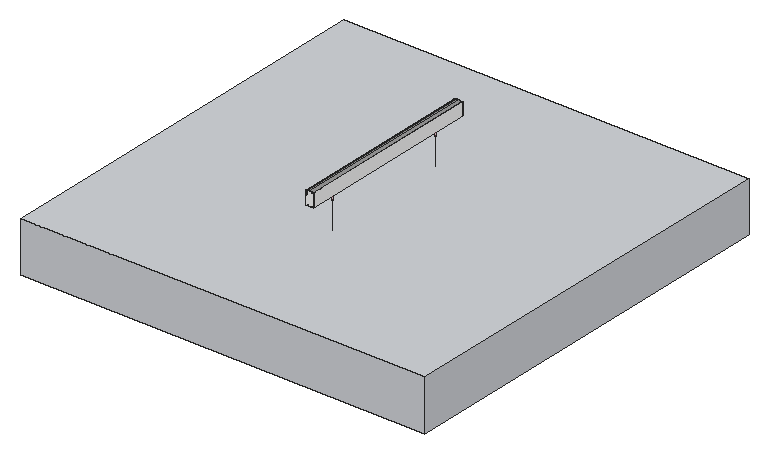
Revit family "LAMP_FIL 45 1200MM OPAL COMFORT SUSPENDED", category Luminarias, Revit 2018
Family settings
  Anfitrión = Cara
  Cota de conector redondo = Diámetro de uso
  Tipo de pieza = Normal
  Corte con vacíos al cargar = No
  Origen de luz = Sí
  Compartido = No
  Punto de cálculo de habitación = No
Parameters (values of type "2600LM 3000K  BLACK")
  Ángulo de inclinación = -90.00°
  Weight = 2.40 kg
  Wattage = 17.5 W
  UGR = "18"
  Type = "MID POWER TRIDONIC"
  built-in parameter 1150107 = 3000 (stored number, unit not read)
  Suspension distance [instance] = if(Suspension > 4000 mm, 4000 mm, if(Suspension < 1 mm, 1 mm, Suspension))  # 200 mm
  Suspension [instance] = 200 mm
  built-in parameter 1150110 = 1 (stored number, unit not read)
  built-in parameter 1150109 = 1 (stored number, unit not read)
  built-in parameter 1150112 = 1 (stored number, unit not read)
  built-in parameter 1150113 = 1 (stored number, unit not read)
  built-in parameter 1114218 = 1 (stored number, unit not read)
  Protection rating = "IP20 / IK07"
  Product datasheet = "http://www.lamp.es/product-files/TECH/F41SF112MOPR830NB-EN.pdf"
  Product code = "F41SF112MOPR830NB"
  Product URL = "https://www.lamp.es/en/family/fil-45_413951"
  Power Supply = "220-240V 50/60Hz"
  Power = 16 W
  Plum = 17.5 W
  Photobiological risk = ""
  NOT COVER 2 [instance] = not(END COVER 2)  # no
  NOT COVER 1 [instance] = not(END COVER 1)  # no
  built-in parameter 1150137 = (empty or 0)
  built-in parameter 1150132 = 2
  Modelo = Product code  # "F41SF112MOPR830NB"
  Model Explanation = ""
  Material suspension = LAMP_Acero genérico
  Material perfil = LAMP_Aluminio Perfil Fil NG
  Material difusor = LAMP_PC Difusor Opal Fil
  Manufacturer name = "LAMP"
  Manufacturer country = "Spain"
  Manufacturer URL = "http://www.lamp.es/en"
  MacAdam = "3"
  Longitud de línea de emisión = 1120 mm
  Last update = "18/03/2021"
  Lamp = "MID-POWER LED"
  LED Lifetime = "70.000 L80 B10"
  built-in parameter 1150105 = 655.12 (stored number, unit not read)
  built-in parameter 1150102 = (empty or 0)
  Insulation class = "I"
  Installation instructions = "https://www.lamp.es/product-files/INS/1004580-C%20INSTR.%20FIL45.pdf"
  built-in parameter 1150106 = 6.5512 (stored number, unit not read)
  IEE = "A+"
  Gear = "Electronic"
  Lumens = 1722.17 lm
  Finish = "Matte black RAL 9011"
  Color Filter = 16777215
  built-in parameter 1114217 = 1 (stored number, unit not read)
  built-in parameter 1150139 = (empty or 0)
  Fabricante = Manufacturer name  # "LAMP"
  Default Elevation = 1219.2 mm
  built-in parameter 1150104 = 9.1426 (stored number, unit not read)
  Efficacy = 95.47 lm/W
  END COVER 2 [instance] = yes
  END COVER 1 [instance] = yes
  Dimensions = "1200x45x80"
  Descripción = "FIL45 SUR 1120 2600 WW OP COMF BK."
  built-in parameter 1150115 = 1 (stored number, unit not read)
  built-in parameter 1150114 = 1 (stored number, unit not read)
  built-in parameter 1150138 = (empty or 0)
  built-in parameter 1150134 = 3
  Dimming Lamp Color Temperature Shift = (empty or 0)
  CRI = "80"
  Archivo de red fotométrica = "F41SF112MOPR830NB.IES"
  built-in parameter 1150133 = 10 (stored number, unit not read)
Types (12, lengths in mm): name | Weight | built-in parameter 1150107 | Product datasheet | Product code | Modelo | Material perfil | built-in parameter 1150105 | built-in parameter 1150106 | Lumens | Finish | built-in parameter 1150104 | Efficacy | Descripción | Archivo de red fotométrica
  2600LM 3000K DALI BLACK | 2.546 kg | 3000 (stored number, unit not read) | "http://www.lamp.es/product-files/TECH/F41SF112MOPR830DB-EN.pdf" | "F41SF112MOPR830DB" | "F41SF112MOPR830DB" | LAMP_Aluminio Perfil Fil NG | 635.54 (stored number, unit not read) | 6.3554 (stored number, unit not read) | 1670.73 lm | "Matte black RAL 9011" | 8.8695 (stored number, unit not read) | 95.47 lm/W | "FIL45 SUR 1120 2600 WW OP COMF DALI BK." | "F41SF112MOPR830nB.IES"
  2600LM 3000K DALI GREY | 2.546 kg | 3000 (stored number, unit not read) | "http://www.lamp.es/product-files/TECH/F41SF112MOPR830DG-EN.pdf" | "F41SF112MOPR830DG" | "F41SF112MOPR830DG" | LAMP_Aluminio Perfil Fil GR | 635.54 (stored number, unit not read) | 6.3554 (stored number, unit not read) | 1670.73 lm | "Gloss grey" | 8.8695 (stored number, unit not read) | 95.47 lm/W | "FIL45 SUR 1120 2600 WW OP COMF DALI GR." | "F41SF112MOPR830nG.IES"
  2600LM 3000K DALI WHITE | 2.546 kg | 3000 (stored number, unit not read) | "http://www.lamp.es/product-files/TECH/F41SF112MOPR830DW-EN.pdf" | "F41SF112MOPR830DW" | "F41SF112MOPR830DW" | LAMP_Aluminio Perfil Fil BL | 635.54 (stored number, unit not read) | 6.3554 (stored number, unit not read) | 1670.73 lm | "Matte white RAL 9010" | 8.8695 (stored number, unit not read) | 95.47 lm/W | "FIL45 SUR 1120 2600 WW OP COMF DALI WH." | "F41SF112MOPR830nW.IES"
  2600LM 3000K  BLACK | 2.40 kg | 3000 (stored number, unit not read) | "http://www.lamp.es/product-files/TECH/F41SF112MOPR830NB-EN.pdf" | "F41SF112MOPR830NB" | "F41SF112MOPR830NB" | LAMP_Aluminio Perfil Fil NG | 655.12 (stored number, unit not read) | 6.5512 (stored number, unit not read) | 1722.17 lm | "Matte black RAL 9011" | 9.1426 (stored number, unit not read) | 95.47 lm/W | "FIL45 SUR 1120 2600 WW OP COMF BK." | "F41SF112MOPR830NB.IES"
  2600LM 3000K  GREY | 2.40 kg | 3000 (stored number, unit not read) | "http://www.lamp.es/product-files/TECH/F41SF112MOPR830NG-EN.pdf" | "F41SF112MOPR830NG" | "F41SF112MOPR830NG" | LAMP_Aluminio Perfil Fil GR | 635.54 (stored number, unit not read) | 6.3554 (stored number, unit not read) | 1670.73 lm | "Gloss grey" | 8.8695 (stored number, unit not read) | 95.47 lm/W | "FIL45 SUR 1120 2600 WW OP COMF GR." | "F41SF112MOPR830NG.IES"
  2600LM 3000K  WHITE | 2.40 kg | 3000 (stored number, unit not read) | "http://www.lamp.es/product-files/TECH/F41SF112MOPR830NW-EN.pdf" | "F41SF112MOPR830NW" | "F41SF112MOPR830NW" | LAMP_Aluminio Perfil Fil BL | 635.54 (stored number, unit not read) | 6.3554 (stored number, unit not read) | 1670.73 lm | "Matte white RAL 9010" | 8.8695 (stored number, unit not read) | 95.47 lm/W | "FIL45 SUR 1120 2600 WW OP COMF WH." | "F41SF112MOPR830NW.IES"
  2600LM 4000K DALI BLACK | 2.546 kg | 4000 (stored number, unit not read) | "http://www.lamp.es/product-files/TECH/F41SF112MOPR840DB-EN.pdf" | "F41SF112MOPR840DB" | "F41SF112MOPR840DB" | LAMP_Aluminio Perfil Fil NG | 667.16 (stored number, unit not read) | 6.6716 (stored number, unit not read) | 1753.85 lm | "Matte black RAL 9011" | 9.3107 (stored number, unit not read) | 100.22 lm/W | "FIL45 SUR 1120 2600 NW OP COMF DALI BK." | "F41SF112MOPR840nB.IES"
  2600LM 4000K DALI GREY | 2.546 kg | 4000 (stored number, unit not read) | "http://www.lamp.es/product-files/TECH/F41SF112MOPR840DG-EN.pdf" | "F41SF112MOPR840DG" | "F41SF112MOPR840DG" | LAMP_Aluminio Perfil Fil GR | 667.16 (stored number, unit not read) | 6.6716 (stored number, unit not read) | 1753.85 lm | "Gloss grey" | 9.3107 (stored number, unit not read) | 100.22 lm/W | "FIL45 SUR 1120 2600 NW OP COMF DALI GR." | "F41SF112MOPR840nG.IES"
  2600LM 4000K DALI WHITE | 2.546 kg | 4000 (stored number, unit not read) | "http://www.lamp.es/product-files/TECH/F41SF112MOPR840DW-EN.pdf" | "F41SF112MOPR840DW" | "F41SF112MOPR840DW" | LAMP_Aluminio Perfil Fil BL | 667.16 (stored number, unit not read) | 6.6716 (stored number, unit not read) | 1753.85 lm | "Matte white RAL 9010" | 9.3107 (stored number, unit not read) | 100.22 lm/W | "FIL45 SUR 1120 2600 NW OP COMF DALI WH." | "F41SF112MOPR840nW.IES"
  2600LM 4000K  BLACK | 2.40 kg | 4000 (stored number, unit not read) | "http://www.lamp.es/product-files/TECH/F41SF112MOPR840NB-EN.pdf" | "F41SF112MOPR840NB" | "F41SF112MOPR840NB" | LAMP_Aluminio Perfil Fil NG | 667.16 (stored number, unit not read) | 6.6716 (stored number, unit not read) | 1753.85 lm | "Matte black RAL 9011" | 9.3107 (stored number, unit not read) | 100.22 lm/W | "FIL45 SUR 1120 2600 NW OP COMF BK." | "F41SF112MOPR840NB.IES"
  2600LM 4000K  GREY | 2.40 kg | 4000 (stored number, unit not read) | "http://www.lamp.es/product-files/TECH/F41SF112MOPR840NG-EN.pdf" | "F41SF112MOPR840NG" | "F41SF112MOPR840NG" | LAMP_Aluminio Perfil Fil GR | 667.16 (stored number, unit not read) | 6.6716 (stored number, unit not read) | 1753.85 lm | "Gloss grey" | 9.3107 (stored number, unit not read) | 100.22 lm/W | "FIL45 SUR 1120 2600 NW OP COMF GR." | "F41SF112MOPR840NG.IES"
  2600LM 4000K  WHITE | 2.40 kg | 4000 (stored number, unit not read) | "http://www.lamp.es/product-files/TECH/F41SF112MOPR840NW-EN.pdf" | "F41SF112MOPR840NW" | "F41SF112MOPR840NW" | LAMP_Aluminio Perfil Fil BL | 667.16 (stored number, unit not read) | 6.6716 (stored number, unit not read) | 1753.85 lm | "Matte white RAL 9010" | 9.3107 (stored number, unit not read) | 100.22 lm/W | "FIL45 SUR 1120 2600 NW OP COMF WH." | "F41SF112MOPR840NW.IES"
Reference planes
  plane 1 "Centro (Frontal/Posterior)": y = 0
  plane 2: z = 0
  plane 3 "Centro (Izquierda/Derecha)": x = 0
Forms (mm)
  Extrusion 1, solid
    sketch origin (0, 0, 0) x (1, 0, 0) y (0, 1, 0)
      loop
        line (-1219.2, 1219.2) -> (-1219.2, -1219.2) -> (1219.2, -1219.2) -> (1219.2, 1219.2) -> (-1219.2, 1219.2)
    from 0 to -304.8
  Extrusion 2, solid, material "LAMP_Aluminio Perfil Fil NG" <- "Material perfil"
    sketch origin (0, 0, 0) x (1, 0, 0) y (0, 0, 1)
      loop
        arc (22.5, 285.7) -> (21.5, 286.7) -> (20.5, 285.7) r 1
        line (20.5, 285.7) -> (20.5, 284.2) -> (17.8, 284.2) -> (17.8, 259) -> (0, 259) -> (-17.8, 259) -> (-17.8, 284.2) -> (-20.5, 284.2) -> (-20.5, 285.7)
        arc (-20.5, 285.7) -> (-21.5, 286.7) -> (-22.5, 285.7) r 1
        line (-22.5, 285.7) -> (-22.5, 206.5) -> (-20.7, 206.5) -> (-20.7, 210) -> (-12.5, 210) -> (-12.5, 208) -> (-14.8, 208) -> (-14.5, 206.5) -> (-11, 206.5) -> (-11, 214.5) -> (0, 214.5) -> (11, 214.5) -> (11, 206.5) -> (14.5, 206.5) -> (14.8, 208) -> (12.5, 208) -> (12.5, 210) -> (20.7, 210) -> (20.7, 206.5) -> (22.5, 206.5) -> (22.5, 285.7)
    from -560 to 560
  Extrusion 3, solid, material "LAMP_Acero genérico" <- "Material suspension"
    sketch origin (0, 0, 0) x (1, 0, 0) y (0, 0, 1)
      loop
        line (-12.5, 201) -> (-15.291, 208.272) -> (-12.823, 210) -> (-13.823, 210) -> (-16.291, 208.272) -> (-13.116, 200) -> (0, 200) -> (13.116, 200) -> (16.291, 208.272) -> (13.823, 210) -> (12.823, 210) -> (15.291, 208.272) -> (12.5, 201) -> (0, 201) -> (-12.5, 201)
    from -400 to -378
  Extrusion 4, solid, material "LAMP_Acero genérico" <- "Material suspension"
    sketch origin (0, -24, 0) x (1, 0, 0) y (0, 1, 0)
      loop
        circle (0, -365) r 5
    from 163.2 to 200
  Extrusion 5, solid, material "LAMP_Acero genérico" <- "Material suspension"
    sketch origin (0, 24, 0) x (1, 0, 0) y (0, 1, 0)
      loop
        circle (0, 365) r 5
    from 163.2 to 200
  Extrusion 6, solid, material "LAMP_Acero genérico" <- "Material suspension"
    sketch origin (0, 0, 0) x (1, 0, 0) y (0, 1, 0)
      loop
        circle (0, -389) r 1
    from 0 to 163.2
  Extrusion 7, solid, material "LAMP_Acero genérico" <- "Material suspension"
    sketch origin (0, 0, 0) x (1, 0, 0) y (0, 1, 0)
      loop
        circle (0, 389) r 1
    from 0 to 163.2
  Extrusion 8, solid, material "LAMP_PC Difusor Opal Fil" <- "Material difusor"
    sketch origin (0, 0, 0) x (1, 0, 0) y (0, 0, 1)
      loop
        line (-20.5, 284.2) -> (0, 284.2) -> (20.5, 284.2) -> (20.5, 286.7) -> (0, 286.7) -> (-20.5, 286.7) -> (-20.5, 284.2)
    from -560 to 560
  Extrusion 9, solid, material "LAMP_Acero genérico" <- "Material suspension"
    sketch origin (0, 0, 0) x (1, 0, 0) y (0, 0, -1)
      loop
        line (-12.5, -201) -> (0, -201) -> (12.5, -201) -> (15.291, -208.272) -> (12.823, -210) -> (13.823, -210) -> (16.291, -208.272) -> (13.116, -200) -> (0, -200) -> (-13.116, -200) -> (-16.291, -208.272) -> (-13.823, -210) -> (-12.823, -210) -> (-15.291, -208.272) -> (-12.5, -201)
    from -400 to -378
  Extrusion 10, solid, material "LAMP_PC Difusor Opal Fil" <- "Material difusor"
    sketch origin (0, 0, 0) x (1, 0, 0) y (0, 0, 1)
      loop
        line (-11, 214.5) -> (-11, 206.5) -> (-7.529, 206.5) -> (11, 206.5) -> (11, 214.5) -> (10, 214.5) -> (10, 207.5) -> (-10, 207.5) -> (-10, 214.5) -> (-11, 214.5)
    from -560 to 560
Lines and regions (mm)
  reference lines
    curve 1: line (0, -445.47, 200) -> (0, 544.53, 200)
Text (mm)
  text "Any modification of the parameters and properties of the LAMP BIM models must be executed and validated by the LAMP technical department.\nPhone: +34 93 736 68 00\nE-mail: lamp@lamp.es\n\nLAMP reserves the right to modify the technical specifications of its products." at (3279.264, 5298.162, -2684.539), in view "Preview"
Dimensions and locks
  "Suspension distance": level to curve 1
  locked: Extrusion 4 to Extrusion 4 at 36.8
  locked: Extrusion 5 to Extrusion 5 at 36.8
  aligned and locked: plane 2 to Extrusion 1
  aligned and locked: level to Extrusion 1
  aligned and locked: Extrusion 8 to Extrusion 2  (x2)
  aligned and locked: curve 1 to Extrusion 9
  aligned and locked: curve 1 to Extrusion 3
  aligned and locked: Extrusion 4 to curve 1
  aligned and locked: Extrusion 5 to curve 1
  aligned and locked: Extrusion 6 to Extrusion 4
  aligned and locked: Extrusion 7 to Extrusion 5
  aligned and locked: Extrusion 2 to Extrusion 9  (x2)
  aligned and locked: imposter light to Extrusion 8
  aligned and locked: Extrusion 10 to Extrusion 2
  aligned and locked: nested 1 to Extrusion 2  (x2)
  aligned and locked: nested 2 to Extrusion 2  (x2)
Automatic sketch dimensions
  Extrusion 1 sketch curve to Extrusion 1 sketch curve = 2438.4 mm  (x2)
  Extrusion 3 sketch curve to plane 3 "Centro (Izquierda/Derecha)" = 0 mm  (x2)
  Extrusion 3 sketch curve to Extrusion 3 sketch curve = 12.5 mm
  Extrusion 3 sketch curve to Extrusion 3 sketch curve = 0.323 mm  (x2)
  Extrusion 3 sketch curve to Extrusion 3 sketch curve = 0.616 mm  (x2)
  Extrusion 3 sketch curve to Extrusion 3 sketch curve = 1 mm  (x5)
  Extrusion 3 sketch curve to Extrusion 3 sketch curve = 1.468 mm  (x2)
  plane 3 "Centro (Izquierda/Derecha)" to Extrusion 3 sketch curve = 12.5 mm
  level to Extrusion 3 sketch curve = 200 mm
  Extrusion 3 sketch curve to Extrusion 3 sketch curve = 7.272 mm  (x2)
  Extrusion 3 sketch curve to Extrusion 3 sketch curve = 0 mm  (x2)
  Extrusion 3 sketch curve to Extrusion 3 sketch curve = 1.728 mm  (x2)
  Extrusion 4 sketch curve to plane 3 "Centro (Izquierda/Derecha)" = 0 mm
  plane 1 "Centro (Frontal/Posterior)" to Extrusion 4 sketch curve = 389 mm
  Extrusion 5 sketch curve to plane 3 "Centro (Izquierda/Derecha)" = 0 mm
  plane 1 "Centro (Frontal/Posterior)" to Extrusion 5 sketch curve = 389 mm
  Extrusion 6 sketch curve to plane 3 "Centro (Izquierda/Derecha)" = 0 mm
  plane 1 "Centro (Frontal/Posterior)" to Extrusion 6 sketch curve = 389 mm
  Extrusion 7 sketch curve to plane 3 "Centro (Izquierda/Derecha)" = 0 mm
  plane 1 "Centro (Frontal/Posterior)" to Extrusion 7 sketch curve = 389 mm
  Extrusion 2 sketch curve to plane 3 "Centro (Izquierda/Derecha)" = 0 mm  (x2)
  Extrusion 2 sketch curve to plane 3 "Centro (Izquierda/Derecha)" = 11 mm
  Extrusion 2 sketch curve to Extrusion 2 sketch curve = 1.5 mm  (x6)
  Extrusion 2 sketch curve to Extrusion 2 sketch curve = 2 mm  (x2)
  Extrusion 2 sketch curve to Extrusion 2 sketch curve = 0.3 mm  (x2)
  Extrusion 2 sketch curve to Extrusion 2 sketch curve = 17.8 mm
  Extrusion 2 sketch curve to Extrusion 2 sketch curve = 2.7 mm  (x2)
  Extrusion 2 sketch curve to Extrusion 2 sketch curve = 5.9 mm  (x2)
  Extrusion 2 sketch curve to Extrusion 2 sketch curve = 1 mm  (x2)
  plane 3 "Centro (Izquierda/Derecha)" to Extrusion 2 sketch curve = 11 mm
  plane 3 "Centro (Izquierda/Derecha)" to Extrusion 2 sketch curve = 17.8 mm
  level to Extrusion 2 sketch curve = 206.5 mm
  Extrusion 2 sketch curve to Extrusion 2 sketch curve = 0 mm  (x3)
  Extrusion 2 sketch curve to Extrusion 2 sketch curve = 3.5 mm  (x2)
  Extrusion 2 sketch curve to Extrusion 2 sketch curve = 4.5 mm
  Extrusion 2 sketch curve to Extrusion 2 sketch curve = 44.5 mm
  Extrusion 2 sketch curve to Extrusion 2 sketch curve = 25.2 mm  (x2)
  Extrusion 8 sketch curve to plane 3 "Centro (Izquierda/Derecha)" = 0 mm  (x2)
  Extrusion 8 sketch curve to Extrusion 8 sketch curve = 20.5 mm
  plane 3 "Centro (Izquierda/Derecha)" to Extrusion 8 sketch curve = 20.5 mm
  level to Extrusion 8 sketch curve = 284.2 mm
  Extrusion 8 sketch curve to Extrusion 8 sketch curve = 2.5 mm
  Extrusion 9 sketch curve to plane 3 "Centro (Izquierda/Derecha)" = 0 mm  (x2)
  Extrusion 9 sketch curve to Extrusion 9 sketch curve = 12.5 mm
  Extrusion 9 sketch curve to Extrusion 9 sketch curve = 0.323 mm  (x2)
  Extrusion 9 sketch curve to Extrusion 9 sketch curve = 0.616 mm  (x2)
  Extrusion 9 sketch curve to Extrusion 9 sketch curve = 1 mm  (x5)
  Extrusion 9 sketch curve to Extrusion 9 sketch curve = 1.468 mm  (x2)
  plane 3 "Centro (Izquierda/Derecha)" to Extrusion 9 sketch curve = 12.5 mm
  level to Extrusion 9 sketch curve = 210 mm
  Extrusion 9 sketch curve to Extrusion 9 sketch curve = 0 mm  (x3)
  Extrusion 9 sketch curve to Extrusion 9 sketch curve = 1.728 mm  (x2)
  Extrusion 9 sketch curve to Extrusion 9 sketch curve = 7.272 mm
  Extrusion 10 sketch curve to plane 3 "Centro (Izquierda/Derecha)" = 11 mm
  Extrusion 10 sketch curve to Extrusion 10 sketch curve = 1 mm  (x3)
  Extrusion 10 sketch curve to Extrusion 10 sketch curve = 2.471 mm
  plane 3 "Centro (Izquierda/Derecha)" to Extrusion 10 sketch curve = 10 mm
  level to Extrusion 10 sketch curve = 206.5 mm
  Extrusion 10 sketch curve to Extrusion 10 sketch curve = 7 mm  (x2)
  plane 1 "Centro (Frontal/Posterior)" to curve 1 = 445.47 mm
  curve 1 to plane 1 "Centro (Frontal/Posterior)" = 544.53 mm
  radius of Extrusion 4 sketch curve = 5 mm
  radius of Extrusion 5 sketch curve = 5 mm
  radius of Extrusion 6 sketch curve = 1 mm
  radius of Extrusion 7 sketch curve = 1 mm
Nested families
  nested 1: "LAMP_FIL 45 END COVER SURFACE" at (0, -561, 206.5), visible <- "END COVER 1", type "LAMP_FIL 45 END COVER SURFACE"
  nested 2: "LAMP_FIL 45 END COVER SURFACE" at (0, 561, 206.5), visible <- "END COVER 2", type "LAMP_FIL 45 END COVER SURFACE"
Connectors
  electrical at (0, 389, 200)
    settings: on Extrusion 5, index 1, voltage 230 V, apparent load 0 VA, apparent load phase1 0 VA, apparent load phase2 0 VA, apparent load phase3 0 VA, power factor 1, load classification "Otro", number of poles 1, system type 31, power factor state 1, is connector primary yes, connector utility no, sub classification motor no, connector description ""
Definition of nested family "LAMP_FIL 45 END COVER SURFACE"
  Parameters (values of type "Blanco")
    Material tapa = none
  Reference planes
    plane 1 "Centro (Frontal/Posterior)": y = 0
    plane 2: z = 0
    plane 3 "Centro (Izquierda/Derecha)": x = 0
  Forms (mm)
    Extrusion 1, solid, material <- "Material tapa"
      sketch origin (0, 0, 0) x (0, -1, 0) y (0, 0, 1)
        loop
          line (0, 0) -> (1, 0) -> (1, 80) -> (-1, 80) -> (-1, 0) -> (0, 0)
      from -22.5 to 22.5
  Dimensions and locks
    aligned and locked: level to plane 2
